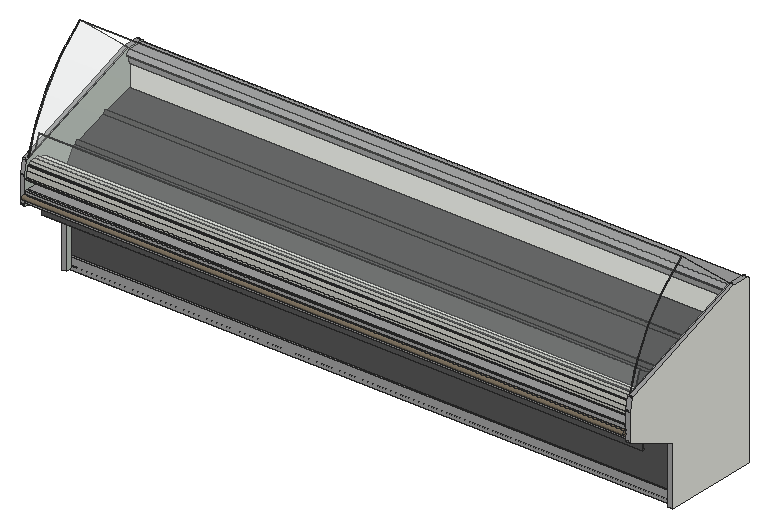
Revit family "DSFN-CG_2014", category Specialty Equipment, Revit 2014
Parameters (values of type "12'-0" Length")
  Width = 144"
  Waste Drain = 1 1/2"  # constant formula
  URL = "www.hussmann.com"
  Type Comments = "Chino"  # constant formula
  Trim = Stainless Steel
  Total Weight = Case Weight + (2 * End Weight)  # 0.00 lbf
  Splashguard = Stainless Steel
  Side Panel - Right [instance] = yes
  Side Panel - Left [instance] = yes
  Shelves = Sheet Metal (Steel Painted) - 701 Black
  Revit Family Date = "09/20/2016"  # constant formula
  Refrigeration Lines Suction = 5/8"  # constant formula
  Refrigeration Lines Liquid = 3/8"  # constant formula
  Refrig. Suction = "Suction"
  Refrig. Liquid = "Liquid"
  Number of Supports = if(Width < 50", 2, if(Width < 100", 3, 4))  # 4
  Note from Manufacturer = "This model only comes in 2'-0\", 3'-0\", 4'-0\", 5'-0\", 6'-0\", 8'-0\", 10'-0\", and 12'-0\" lengths."
  Model URL = "http://www.hussmann.com/en/product%20viewer/display-cases/DSFN"
  Model = "DSFN with Curved Glass"  # constant formula
  Manufacturer Disclaimer = "The information in this file is not intended to be an exact representation of the corresponding Hussmann product.  Further, we reserve the right to change or revise specifications and product design in connection with any feature of our products. Such changes do not entitle the buyer to corresponding changes, improvements, additions, or replacements for equipment previously sold or shipped."  # constant formula
  Manufacturer = "Hussmann Corporation"  # constant formula
  Light [instance] = yes
  Height = 52 1/4"  # constant formula
  Glazing = Glass
  Ends = Textured Sheet Metal (Steel Painted) - 149 White Satin Matte
  End Weight = 0.00 lbf  # constant formula
  Drain from Centerline = if(Width > 61", 6", if(Width = 60", 12", 1/64"))  # 6"
  Drain From Side = 5"  # constant formula
  Door Frame = Plastic - 144 Mist Gray
  Description = "Narrow Footprint Service Merchandiser for Fresh Seafood Applications"  # constant formula
  Depth = 34 7/8"  # constant formula
  Cutsheet URL = "http://www.hussmann.com/en/Technical%20Documents/DSFN_ds_En.pdf"
  Close Off Panel = Textured Sheet Metal (Steel Painted) - 701 Black
  Case Weight = if(Width = 24", 0.00 lbf, if(Width = 36", 0.00 lbf, if(Width = 48", 0.00 lbf, if(Width = 60", 0.00 lbf, if(Width = 72", 0.00 lbf, if(Width = 96", 0.00 lbf, if(Width = 120", 0.00 lbf, if(Width = 144", 0.00 lbf, 0.00 lbf))))))))  # 0.00 lbf
  Case Interior - Side Panel = Mirror
  Case Interior - Back Panel = Mirror
  Case = Textured Sheet Metal (Steel Painted) - 149 White Satin Matte
  Bumper = Extruded PVC - 747 Chocolate Brown
  Assembly Code = ""
  Accessories/Options = ""
Types (8): name | Width | Number of Supports | Drain from Centerline
  12'-0" Length | 144" | 4 | 6"
  10'-0" Length | 120" | 4 | 6"
  8'-0" Length | 96" | 3 | 6"
  6'-0" Length | 72" | 3 | 6"
  5'-0" Length | 60" | 3 | 12"
  4'-0" Length | 48" | 2 | 1/64"
  3'-0" Length | 36" | 2 | 1/64"
  2'-0" Length | 24" | 2 | 1/64"
Reference planes (in)
  plane 1 "Back": y = 0
  plane 2 "Bottom": z = 0
  plane 3 "Left": x = -77.30699
  plane 4 "Front": y = -34.875
  plane 5 "Center (Left/Right)": x = -5.30699
  plane 6: x = -78.43199
  plane 7 "Right": x = 66.69301
  plane 8: x = 67.81801
Forms (in)
  Extrusion 1, solid, material "Metal - Copper"
    sketch origin (57.40105, 5, -0.375) x (1, 0, 0) y (0, 1, 0)
      loop
        circle (5.22946, -14.125) r 0.28859
      loop
        circle (5.22946, -14.125) r 0.3125
    from 17.91059 to 14.43713
  Extrusion 2, solid, material "Metal - Copper"
    sketch origin (59.82608, 5, -0.375) x (1, 0, 0) y (0, 1, 0)
      loop
        circle (3.30443, -14.125) r 0.17188
      loop
        circle (3.30443, -14.125) r 0.1875
    from 17.91059 to 14.43713
  Extrusion 3, solid, material "Metal - Copper"
    sketch origin (-56.6875, 1.04319, 0) x (1, 0, 0) y (0, 1, 0)
      loop
        arc (-15.61949, -5.29319) -> (-16.14982, -5.51286) -> (-16.36949, -6.04319) r 0.75
        arc (-16.36949, -6.04319) -> (-16.14982, -6.57352) -> (-15.61949, -6.79319) r 0.75
        arc (-15.61949, -6.79319) -> (-15.08916, -6.57352) -> (-14.86949, -6.04319) r 0.75
        arc (-14.86949, -6.04319) -> (-15.08916, -5.51286) -> (-15.61949, -5.29319) r 0.75
      loop
        circle (-15.61949, -6.04319) r 0.7102
    from 17.53559 to 14.06213
  Extrusion 4, solid, material "Metal - Copper"
    sketch origin (9.1875, 1.04319, 0) x (1, 0, 0) y (0, 1, 0)
      loop
        arc (-8.49449, -5.29319) -> (-9.02482, -5.51286) -> (-9.24449, -6.04319) r 0.75
        arc (-9.24449, -6.04319) -> (-9.02482, -6.57352) -> (-8.49449, -6.79319) r 0.75
        arc (-8.49449, -6.79319) -> (-7.96416, -6.57352) -> (-7.74449, -6.04319) r 0.75
        arc (-7.74449, -6.04319) -> (-7.96416, -5.51286) -> (-8.49449, -5.29319) r 0.75
      loop
        circle (-8.49449, -6.04319) r 0.7102
    from 17.53559 to 14.06213
  Extrusion 5, solid, material "Textured Sheet Metal (Steel Painted) - 149 White Satin Matte" <- "Case"
    sketch origin (-77.30699, 0, 0) x (0, 1, 0) y (0, 0, 1)
      loop
        line (-21.21942, 14.75877) -> (-21.21942, 0.83962) -> (-2.10346, 0.83962) -> (-2.10346, 14.62462) -> (0, 14.62462) -> (0, 39.71447) -> (-3.90855, 39.71447) -> (-3.90855, 37.71447) -> (-3.74953, 37.12102) -> (-3.6691, 37.12102) -> (-3.6691, 27.41256) -> (-7.64232, 26.27325) -> (-15.78577, 19.85719) -> (-15.78577, 17.5583) -> (-21.48302, 17.74647) -> (-29.41726, 21.11436) -> (-29.41726, 27.46876) -> (-29.4277, 27.34944) -> (-29.4277, 28.15965) -> (-31.23608, 28.51182) -> (-31.23608, 23.01712) -> (-34.556, 23.01712) -> (-34.806, 22.76712) -> (-34.806, 20.39212) -> (-34.49075, 20.39212) -> (-21.21942, 14.75877)
    from 0 to 144 <- "Width"
  Extrusion 6, solid, material "Stainless Steel" <- "Trim"
    sketch origin (-77.30699, 0, 0) x (0, 1, 0) y (0, 0, 1)
      loop
        line (-32.43066, 19.29991) -> (-32.36201, 19.48852) -> (-34.49075, 20.39212) -> (-34.806, 20.39212) -> (-34.806, 22.76712) -> (-34.556, 23.01712) -> (-31.23608, 23.01712) -> (-31.23608, 24.23914) -> (-31.3002, 24.23914) -> (-31.3002, 23.06512) -> (-34.702, 23.06512)
        arc (-34.702, 23.06512) -> (-34.82433, 23.01445) -> (-34.875, 22.89212) r 0.173
        line (-34.875, 22.89212) -> (-34.875, 20.18958) -> (-32.43066, 19.29991)
    from 0 to 144 <- "Width"
  Extrusion 7, solid, material "Extruded PVC - 747 Chocolate Brown" <- "Bumper"
    sketch origin (-77.30699, 0, 0) x (0, 1, 0) y (0, 0, 1)
      loop
        arc (-35.3233, 22.20131) -> (-35.82553, 21.63881) -> (-35.3233, 21.07631) r 0.56612
        line (-35.3233, 21.07631) -> (-34.875, 21.07631) -> (-34.875, 21.44631) -> (-35.26053, 21.44631) -> (-35.26053, 21.56751)
        arc (-35.26053, 21.56751) -> (-35.22735, 21.63881) -> (-35.26053, 21.7101) r 0.09318
        line (-35.26053, 21.7101) -> (-35.26053, 21.83131) -> (-34.875, 21.83131) -> (-34.875, 22.20131) -> (-35.3233, 22.20131)
    from 0 to 144 <- "Width"
  Extrusion 8, solid, material "Stainless Steel" <- "Trim"
    sketch origin (-77.30699, 0, 0) x (0, 1, 0) y (0, 0, 1)
      loop
        line (-21.36961, 2.78974) -> (-21.36961, 0) -> (-20.83494, 0) -> (-20.83494, 0.035) -> (-21.33494, 0.035) -> (-21.33494, 2.785) -> (-21.2926, 3.09462) -> (-21.32728, 3.09929) -> (-21.36961, 2.78974)
      loop
        line (-1.91944, 0.48261) -> (-1.91944, 2.85914) -> (-1.94136, 3.10971) -> (-1.97623, 3.10666) -> (-1.95444, 2.85761) -> (-1.95444, 0.46987) -> (-1.61667, 0.06733) -> (-1.23482, 0) -> (-1.22874, 0.03447) -> (-1.59804, 0.09959) -> (-1.91944, 0.48261)
    from 0 to 144 <- "Width"
  Extrusion 9, solid, material "Textured Sheet Metal (Steel Painted) - 701 Black" <- "Close Off Panel"
    sketch origin (-77.30699, 0, 0) x (0, 1, 0) y (0, 0, 1)
      loop
        line (-21.29227, 0.75286) -> (-21.21942, 0.75286) -> (-21.21942, 14.75877) -> (-21.29227, 14.7897) -> (-21.29227, 0.75286)
      loop
        line (-1.97846, 0.83962) -> (-1.97846, 14.58962) -> (-2.10346, 14.58962) -> (-2.10346, 0.83962) -> (-1.97846, 0.83962)
    from 0 to 144 <- "Width"
  Extrusion 10, solid, material "Glass" <- "Glazing"
    sketch origin (-77.30699, 0, 0) x (0, 1, 0) y (0, 0, 1)
      loop
        line (-32.30756, 28.12011) -> (-30.53872, 33.25717) -> (-30.56313, 33.30722) -> (-30.71203, 33.35849) -> (-30.76207, 33.33408) -> (-32.53091, 28.19701) -> (-32.5065, 28.14697) -> (-32.3576, 28.0957) -> (-32.30756, 28.12011)
      loop
        line (-18.21209, 51.9867) -> (-18.35914, 52.18888)
        arc (-18.35914, 52.18888) -> (-28.763, 41.05531) -> (-34.2825, 26.85207) r 40.25
        line (-34.2825, 26.85207) -> (-34.03655, 26.80726)
        arc (-34.03655, 26.80726) -> (-28.55133, 40.92228) -> (-18.21209, 51.9867) r 40
    from 0 to 144 <- "Width"
  Extrusion 11, solid, material "Plastic - 144 Mist Gray" <- "Door Frame"
    sketch origin (-77.30699, -1, 0) x (0, 1, 0) y (0, 0, 1)
      loop
        arc (-30.23608, 28.80653) -> (-30.66528, 28.88997) -> (-31.08484, 28.76693) r 0.92486
        line (-31.08484, 28.76693) -> (-31.30756, 28.12011) -> (-31.3576, 28.0957) -> (-31.5065, 28.14697) -> (-31.53091, 28.19701) -> (-31.32856, 28.78467) -> (-32.62445, 28.78467)
        arc (-32.62445, 28.78467) -> (-32.84298, 27.79857) -> (-33.03655, 26.80726) r 40
        line (-33.03655, 26.80726) -> (-33.2825, 26.85207)
        arc (-33.2825, 26.85207) -> (-33.14823, 27.55371) -> (-33.00152, 28.25286) r 40.25
        line (-33.00152, 28.25286) -> (-33.13327, 28.08424) -> (-33.22476, 28.02359)
        arc (-33.22476, 28.02359) -> (-33.22735, 28.00512) -> (-33.2087, 28.0048) r 0.01245
        line (-33.2087, 28.0048) -> (-33.16548, 27.99718) -> (-33.19544, 27.98628) -> (-33.56456, 26.95121) -> (-33.68909, 25.86532) -> (-33.68909, 25.24137)
        arc (-33.68909, 25.24137) -> (-33.67756, 25.21353) -> (-33.64972, 25.202) r 0.03937
        line (-33.64972, 25.202) -> (-33.59067, 25.202)
        arc (-33.59067, 25.202) -> (-33.56283, 25.21353) -> (-33.5513, 25.24137) r 0.03937
        line (-33.5513, 25.24137) -> (-33.5513, 25.33979) -> (-33.61035, 25.39885) -> (-33.61035, 25.89097) -> (-33.5513, 25.98872) -> (-32.96468, 25.98872) -> (-32.96468, 24.64097)
        arc (-32.96468, 24.64097) -> (-32.91547, 24.59176) -> (-32.86626, 24.64097) r 0.04921
        line (-32.86626, 24.64097) -> (-32.86626, 25.12318) -> (-32.1065, 25.12318) -> (-32.1065, 24.98546) -> (-31.17335, 24.98546) -> (-31.17335, 24.51302) -> (-30.95681, 24.51302) -> (-30.95681, 24.43428) -> (-30.38594, 24.43428) -> (-30.38594, 24.29649) -> (-30.23608, 24.29649) -> (-30.23608, 28.80653)
    from 0 to 144 <- "Width"
  Extrusion 12, solid, material "Sheet Metal (Steel Painted) - 701 Black" <- "Shelves"
    sketch origin (-77.30699, 0, 0) x (0, 1, 0) y (0, 0, 1)
      loop
        line (-29.41726, 23.84277) -> (-26.05839, 23.84277) -> (-23.06898, 22.11683) -> (-3.6691, 27.96641) -> (-3.6691, 31.45015) -> (-10.38034, 29.52573) -> (-11.24118, 30.0029) -> (-11.67036, 29.22864) -> (-18.96124, 26.85127) -> (-19.75714, 27.29245) -> (-20.19832, 26.49654) -> (-20.85604, 26.30794) -> (-23.0035, 22.58844) -> (-26.0421, 24.34277) -> (-29.41726, 24.34277) -> (-29.41726, 23.84277)
    from 0 to 144 <- "Width"
  Extrusion 13, solid, material "Stainless Steel" <- "Trim"
    sketch origin (-77.30699, 0, 0) x (0, 1, 0) y (0, 0, 1)
      loop
        arc (-20.27344, 0.0785) -> (-20.25045, 0.02299) -> (-20.19494, 0) r 0.0785
        line (-20.19494, 0) -> (-18.50744, 0)
        arc (-18.50744, 0) -> (-18.45193, 0.02299) -> (-18.42894, 0.0785) r 0.0785
        line (-18.42894, 0.0785) -> (-18.42894, 0.766) -> (-17.67894, 0.766) -> (-17.67894, 0.83962) -> (-18.45619, 0.83962)
        arc (-18.45619, 0.83962) -> (-18.49336, 0.81085) -> (-18.50744, 0.766) r 0.0785
        line (-18.50744, 0.766) -> (-18.50744, 0.0785) -> (-20.19494, 0.0785) -> (-20.19494, 0.766)
        arc (-20.19494, 0.766) -> (-20.20901, 0.81085) -> (-20.24619, 0.83962) r 0.0785
        line (-20.24619, 0.83962) -> (-21.08594, 0.83962) -> (-21.08594, 1.657) -> (-21.16444, 1.657) -> (-21.16444, 0.8445)
        arc (-21.16444, 0.8445) -> (-21.14145, 0.78899) -> (-21.08594, 0.766) r 0.0785
        line (-21.08594, 0.766) -> (-20.27344, 0.766) -> (-20.27344, 0.0785)
      loop
        arc (-4.71994, 0.766) -> (-4.69873, 0.75721) -> (-4.68994, 0.736) r 0.03
        line (-4.68994, 0.736) -> (-4.68994, 0.0785)
        arc (-4.68994, 0.0785) -> (-4.66695, 0.02299) -> (-4.61144, 0) r 0.0785
        line (-4.61144, 0) -> (-2.92394, 0)
        arc (-2.92394, 0) -> (-2.86843, 0.02299) -> (-2.84544, 0.0785) r 0.0785
        line (-2.84544, 0.0785) -> (-2.84544, 0.736)
        arc (-2.84544, 0.736) -> (-2.83665, 0.75721) -> (-2.81544, 0.766) r 0.03
        line (-2.81544, 0.766) -> (-2.03294, 0.766) -> (-2.03294, 0.8445) -> (-2.84544, 0.8445)
        arc (-2.84544, 0.8445) -> (-2.90095, 0.82151) -> (-2.92394, 0.766) r 0.0785
        line (-2.92394, 0.766) -> (-2.92394, 0.1085)
        arc (-2.92394, 0.1085) -> (-2.93273, 0.08729) -> (-2.95394, 0.0785) r 0.03
        line (-2.95394, 0.0785) -> (-4.58144, 0.0785)
        arc (-4.58144, 0.0785) -> (-4.60265, 0.08729) -> (-4.61144, 0.1085) r 0.03
        line (-4.61144, 0.1085) -> (-4.61144, 0.736)
        arc (-4.61144, 0.736) -> (-4.64322, 0.81272) -> (-4.71994, 0.8445) r 0.1085
        line (-4.71994, 0.8445) -> (-5.42274, 0.8445) -> (-5.42274, 0.766) -> (-4.71994, 0.766)
    from 0 to 144 <- "Width"
  Extrusion 14, solid, material "Stainless Steel" <- "Trim"
    sketch origin (-77.30699, 0, -2.80286) x (0, 1, 0) y (0, 0, 1)
      loop
        line (-3.6691, 39.52827) -> (-3.6691, 39.92387) -> (-3.74953, 39.92387) -> (-3.90855, 40.51732) -> (-3.90855, 42.51732) -> (0, 42.51732) -> (0, 41.32812) -> (0.0625, 41.32812) -> (0.0625, 42.56512) -> (-3.987, 42.56512) -> (-4.92495, 41.62717) -> (-4.67501, 41.30726) -> (-4.64743, 41.32881) -> (-4.78055, 41.49919) -> (-4.34034, 41.43732) -> (-3.87598, 39.47921) -> (-3.6691, 39.52827)
    from 0 to 144 <- "Width"
  Extrusion 15, solid, material "Textured Sheet Metal (Steel Painted) - 701 Black" <- "Close Off Panel", visible <- "Light"
    sketch origin (-77.30699, 0, 0) x (0, 1, 0) y (0, 0, 1)
      loop
        line (-29.827, 18.41248) -> (-29.875, 18.43285) -> (-29.875, 15.50558) -> (-29.49603, 15.50558) -> (-29.49603, 15.67331) -> (-29.5429, 15.67331) -> (-29.5429, 15.55246) -> (-29.827, 15.55246) -> (-29.827, 18.41248)
    from 0 to 144 <- "Width"
  Extrusion 16, solid, material "Textured Sheet Metal (Steel Painted) - 149 White Satin Matte" <- "Ends", visible <- "Side Panel - Left"
    sketch origin (-77.30699, 0, 0) x (0, 1, 0) y (0, 0, 1)
      loop
        line (-34.80715, 19.60674) -> (-22.66886, 14.45434) -> (-22.44039, 14.10915) -> (-22.44039, 0.10413) -> (0.25, 0.10413) -> (0.25, 39.76509)
        arc (0.25, 39.76509) -> (0.17678, 39.94187) -> (0, 40.01509) r 0.25
        line (0, 40.01509) -> (-3.88589, 40.01509)
        arc (-3.88589, 40.01509) -> (-3.92856, 40.01142) -> (-3.96998, 40.00053) r 0.25
        line (-3.96998, 40.00053) -> (-34.13094, 29.22818)
        arc (-34.13094, 29.22818) -> (-34.23355, 29.15902) -> (-34.29042, 29.04912) r 0.25
        line (-34.29042, 29.04912) -> (-34.95295, 26.20479)
        arc (-34.95295, 26.20479) -> (-34.95784, 26.17662) -> (-34.95947, 26.14807) r 0.25
        line (-34.95947, 26.14807) -> (-34.95947, 19.83686)
        arc (-34.95947, 19.83686) -> (-34.91794, 19.69888) -> (-34.80715, 19.60674) r 0.25
    from -1.125 to 0
  Extrusion 17, solid, material "Glass" <- "Glazing", visible <- "Side Panel - Left"
    sketch origin (-77.30699, 0, 0) x (0, 1, 0) y (0, 0, 1)
      loop
        arc (-18.35914, 52.18888) -> (-28.06096, 42.13371) -> (-33.7406, 29.3676) r 40.25
        line (-33.7406, 29.3676) -> (-3.96998, 40.00053) -> (-18.35914, 52.18888)
    from -0.25 to 0
  Extrusion 18, solid, material "Textured Sheet Metal (Steel Painted) - 149 White Satin Matte" <- "Ends", visible <- "Side Panel - Right"
    sketch origin (-77.30699, 0, 0) x (0, 1, 0) y (0, 0, 1)
      loop
        line (-34.80715, 19.60674) -> (-22.66886, 14.45434) -> (-22.44039, 14.10915) -> (-22.44039, 0.10413) -> (0.25, 0.10413) -> (0.25, 39.76509)
        arc (0.25, 39.76509) -> (0.17678, 39.94187) -> (0, 40.01509) r 0.25
        line (0, 40.01509) -> (-3.88589, 40.01509)
        arc (-3.88589, 40.01509) -> (-3.92856, 40.01142) -> (-3.96998, 40.00053) r 0.25
        line (-3.96998, 40.00053) -> (-34.13094, 29.22818)
        arc (-34.13094, 29.22818) -> (-34.23355, 29.15902) -> (-34.29042, 29.04912) r 0.25
        line (-34.29042, 29.04912) -> (-34.95295, 26.20479)
        arc (-34.95295, 26.20479) -> (-34.95784, 26.17662) -> (-34.95947, 26.14807) r 0.25
        line (-34.95947, 26.14807) -> (-34.95947, 19.83686)
        arc (-34.95947, 19.83686) -> (-34.91794, 19.69888) -> (-34.80715, 19.60674) r 0.25
    from 145.125 to 144
  Extrusion 19, solid, material "Glass" <- "Glazing", visible <- "Side Panel - Right"
    sketch origin (-77.30699, 0, 0) x (0, 1, 0) y (0, 0, 1)
      loop
        arc (-18.35914, 52.18888) -> (-28.06096, 42.13371) -> (-33.7406, 29.3676) r 40.25
        line (-33.7406, 29.3676) -> (-3.96998, 40.00053) -> (-18.35914, 52.18888)
    from 144 to 144.25
Lines and regions (in)
  reference lines
    curve 1: line (-72.30699, -34.875, 0) -> (-72.30699, 0, 0)
    curve 2: line (62.94301, -34.875, 0) -> (62.94301, 0, 0)
    curve 3: line (-77.30699, -5, 0) -> (66.69301, -5, 0)
    curve 4: line (66.69301, -9.125, 0) -> (-77.30699, -9.125, 0)
    curve 5: line (0.69301, -34.875, 0) -> (0.69301, 0, 0)
Dimensions and locks (in)
  equal spacing: plane 3 "Left", plane 5 "Center (Left/Right)", plane 7 "Right"
  locked: plane 6 to plane 3 "Left" at 1.125
  "Width": plane 3 "Left" to plane 7 "Right"
  "Drain From Side": plane 3 "Left" to curve 1
  "Depth": plane 4 "Front" to plane 1 "Back"
  locked: curve 2 to plane 7 "Right" at 3.75
  locked: plane 1 "Back" to curve 4 at 9.125
  locked: plane 7 "Right" to plane 8 at 1.125
  locked: Extrusion 3 sketch curve to Extrusion 3 sketch curve at 0.0398
  locked: Extrusion 2 sketch curve to Extrusion 2 sketch curve at 0.01562
  locked: Extrusion 1 sketch curve to Extrusion 1 sketch curve at 0.02391
  "Drain from Centerline": plane 5 "Center (Left/Right)" to curve 5
  locked: Extrusion 4 sketch curve to Extrusion 4 sketch curve at 0.0398
  locked: curve 3 to plane 1 "Back" at 5
  locked: nested 1 to plane 1 "Back" at 27.73735
  locked: plane 3 "Left" to Extrusion 17 at 0.25
  locked: Extrusion 19 to plane 7 "Right" at 0.25
  "Waste Drain": diameter of Extrusion 3 sketch curve
  "Refrigeration Lines Liquid": diameter of Extrusion 2 sketch curve
  "Refrigeration Lines Suction": diameter of Extrusion 1 sketch curve
  "Waste Drain": diameter of Extrusion 4 sketch curve
  aligned and locked: plane 4 "Front" to curve 1
  aligned and locked: plane 3 "Left" to curve 3
  aligned and locked: plane 3 "Left" to curve 4
  aligned and locked: plane 7 "Right" to curve 4
  aligned and locked: plane 7 "Right" to curve 3
  aligned and locked: curve 4 to Extrusion 2 sketch curve  (x4)
  aligned and locked: curve 4 to Extrusion 1 sketch curve  (x4)
  aligned and locked: curve 3 to Extrusion 3 sketch curve
  aligned and locked: curve 1 to Extrusion 3 sketch curve
  aligned and locked: curve 2 to Extrusion 2 sketch curve
  aligned and locked: curve 2 to Extrusion 1 sketch curve
  aligned and locked: curve 5 to Extrusion 4 sketch curve  (x2)
  aligned and locked: curve 3 to Extrusion 4 sketch curve  (x2)
  aligned and locked: plane 3 "Left" to nested 1
  aligned and locked: plane 6 to Extrusion 16
  aligned and locked: plane 3 "Left" to Extrusion 16
  aligned and locked: plane 3 "Left" to Extrusion 17
  aligned and locked: plane 8 to Extrusion 18
  aligned and locked: Extrusion 18 to plane 7 "Right"
  aligned and locked: Extrusion 19 to plane 7 "Right"
Automatic sketch dimensions
  Extrusion 5 sketch curve to plane 1 "Back" = 0"
  plane 1 "Back" to Extrusion 5 sketch curve = 2.10346"
  plane 1 "Back" to Extrusion 5 sketch curve = 3.6691"
  Extrusion 5 sketch curve to Extrusion 5 sketch curve = 0.08043"
  Extrusion 5 sketch curve to Extrusion 5 sketch curve = 0.15901"
  Extrusion 5 sketch curve to Extrusion 5 sketch curve = 3.97322"
  Extrusion 5 sketch curve to Extrusion 5 sketch curve = 8.14345"
  level to Extrusion 5 sketch curve = 0.83962"
  plane 4 "Front" to Extrusion 5 sketch curve = 13.65558"
  Extrusion 5 sketch curve to Extrusion 5 sketch curve = 0.2636"
  plane 4 "Front" to Extrusion 5 sketch curve = 5.45774"
  Extrusion 5 sketch curve to Extrusion 5 sketch curve = 0.01044"
  Extrusion 5 sketch curve to Extrusion 5 sketch curve = 1.81881"
  plane 4 "Front" to Extrusion 5 sketch curve = 0.38425"
  plane 4 "Front" to Extrusion 5 sketch curve = 0.319"
  plane 4 "Front" to Extrusion 5 sketch curve = 0.069"
  Extrusion 5 sketch curve to Extrusion 5 sketch curve = 13.785"
  Extrusion 5 sketch curve to Extrusion 5 sketch curve = 13.91915"
  Extrusion 5 sketch curve to Extrusion 5 sketch curve = 2.79953"
  Extrusion 5 sketch curve to Extrusion 5 sketch curve = 2.98769"
  Extrusion 5 sketch curve to Extrusion 5 sketch curve = 2.29889"
  Extrusion 5 sketch curve to Extrusion 5 sketch curve = 2.64565"
  Extrusion 5 sketch curve to Extrusion 5 sketch curve = 0.72224"
  Extrusion 5 sketch curve to Extrusion 5 sketch curve = 2 3/8"
  Extrusion 5 sketch curve to Extrusion 5 sketch curve = 1/4"
  Extrusion 5 sketch curve to Extrusion 5 sketch curve = 6.41606"
  Extrusion 5 sketch curve to Extrusion 5 sketch curve = 4.33232"
  Extrusion 5 sketch curve to Extrusion 5 sketch curve = 1.1393"
  Extrusion 5 sketch curve to Extrusion 5 sketch curve = 0.11932"
  Extrusion 5 sketch curve to Extrusion 5 sketch curve = 0.6909"
  Extrusion 5 sketch curve to Extrusion 5 sketch curve = 0.35216"
  Extrusion 5 sketch curve to Extrusion 5 sketch curve = 9.70846"
  Extrusion 5 sketch curve to Extrusion 5 sketch curve = 0.59345"
  Extrusion 5 sketch curve to Extrusion 5 sketch curve = 2"
  Extrusion 6 sketch curve to plane 4 "Front" = 0"
  plane 4 "Front" to Extrusion 6 sketch curve = 0.069"
  Extrusion 6 sketch curve to Extrusion 6 sketch curve = 0.104"
  Extrusion 6 sketch curve to Extrusion 6 sketch curve = 0.146"
  Extrusion 6 sketch curve to Extrusion 6 sketch curve = 0.31525"
  Extrusion 6 sketch curve to Extrusion 6 sketch curve = 2.06009"
  Extrusion 6 sketch curve to Extrusion 6 sketch curve = 0.06865"
  Extrusion 6 sketch curve to Extrusion 6 sketch curve = 3.2558"
  Extrusion 6 sketch curve to Extrusion 6 sketch curve = 0.06412"
  level to Extrusion 6 sketch curve = 19.29991"
  Extrusion 6 sketch curve to Extrusion 6 sketch curve = 0.18861"
  Extrusion 6 sketch curve to Extrusion 6 sketch curve = 0.20254"
  Extrusion 6 sketch curve to Extrusion 6 sketch curve = 2 3/8"
  Extrusion 6 sketch curve to Extrusion 6 sketch curve = 1/8"
  Extrusion 6 sketch curve to Extrusion 6 sketch curve = 0.048"
  Extrusion 6 sketch curve to Extrusion 6 sketch curve = 1.17402"
  Extrusion 7 sketch curve to plane 4 "Front" = 0"  (x2)
  Extrusion 7 sketch curve to plane 4 "Front" = 0.38441"
  Extrusion 7 sketch curve to Extrusion 7 sketch curve = 0.00112"  (x2)
  Extrusion 7 sketch curve to Extrusion 7 sketch curve = 0.06112"
  Extrusion 7 sketch curve to Extrusion 7 sketch curve = 0.06277"  (x2)
  level to Extrusion 7 sketch curve = 21.07631"
  Extrusion 7 sketch curve to Extrusion 7 sketch curve = 0.37"
  Extrusion 7 sketch curve to Extrusion 7 sketch curve = 0.1212"  (x2)
  Extrusion 7 sketch curve to Extrusion 7 sketch curve = 0.0713"
  Extrusion 7 sketch curve to Extrusion 7 sketch curve = 0"
  Extrusion 8 sketch curve to level = 0"  (x2)
  plane 4 "Front" to Extrusion 8 sketch curve = 13.50539"
  level to Extrusion 8 sketch curve = 2.78974"
  Extrusion 8 sketch curve to Extrusion 8 sketch curve = 0"
  level to Extrusion 8 sketch curve = 2.785"
  Extrusion 8 sketch curve to Extrusion 8 sketch curve = 0.03468"
  level to Extrusion 8 sketch curve = 3.09929"
  Extrusion 8 sketch curve to Extrusion 8 sketch curve = 0.04233"
  level to Extrusion 8 sketch curve = 3.09462"
  Extrusion 8 sketch curve to Extrusion 8 sketch curve = 0.03469"
  Extrusion 8 sketch curve to Extrusion 8 sketch curve = 1/2"
  plane 1 "Back" to Extrusion 8 sketch curve = 1.97623"
  Extrusion 8 sketch curve to Extrusion 8 sketch curve = 0.02179"
  Extrusion 8 sketch curve to Extrusion 8 sketch curve = 0.03487"
  Extrusion 8 sketch curve to Extrusion 8 sketch curve = 0.035"
  level to Extrusion 8 sketch curve = 0.06733"
  Extrusion 8 sketch curve to Extrusion 8 sketch curve = 0.30277"
  level to Extrusion 8 sketch curve = 0.09959"
  Extrusion 8 sketch curve to Extrusion 8 sketch curve = 0.01862"
  Extrusion 8 sketch curve to Extrusion 8 sketch curve = 0.36323"
  level to Extrusion 8 sketch curve = 0.035"
  level to Extrusion 8 sketch curve = 0.46987"
  Extrusion 8 sketch curve to Extrusion 8 sketch curve = 0.01274"
  Extrusion 8 sketch curve to Extrusion 8 sketch curve = 2 3/8"
  Extrusion 8 sketch curve to Extrusion 8 sketch curve = 0.00153"
  plane 4 "Front" to Extrusion 9 sketch curve = 13.58273"
  Extrusion 9 sketch curve to Extrusion 9 sketch curve = 0.07285"
  plane 1 "Back" to Extrusion 9 sketch curve = 2.10346"
  Extrusion 9 sketch curve to Extrusion 9 sketch curve = 1/8"
  level to Extrusion 9 sketch curve = 0.75286"
  level to Extrusion 9 sketch curve = 0.83962"
  Extrusion 9 sketch curve to Extrusion 9 sketch curve = 13 3/4"
  Extrusion 9 sketch curve to Extrusion 9 sketch curve = 14.00591"
  Extrusion 9 sketch curve to Extrusion 9 sketch curve = 0.03092"
  Extrusion 10 sketch curve to Extrusion 10 sketch curve = 0"  (x2)
  plane 4 "Front" to Extrusion 10 sketch curve = 0.5925"
  Extrusion 10 sketch curve to Extrusion 10 sketch curve = 0.24595"
  Extrusion 10 sketch curve to Extrusion 10 sketch curve = 1.50564"
  Extrusion 10 sketch curve to Extrusion 10 sketch curve = 0.02441"  (x4)
  Extrusion 10 sketch curve to Extrusion 10 sketch curve = 0.1489"  (x2)
  Extrusion 10 sketch curve to Extrusion 10 sketch curve = 0.05004"  (x4)
  plane 4 "Front" to Extrusion 10 sketch curve = 4.11293"
  plane 4 "Front" to Extrusion 10 sketch curve = 16.51586"
  Extrusion 10 sketch curve to Extrusion 10 sketch curve = 0.14705"
  Extrusion 10 sketch curve to plane 1 "Back" = 5.31572"
  level to Extrusion 10 sketch curve = 19.63795"
  level to Extrusion 10 sketch curve = 26.80726"
  Extrusion 10 sketch curve to Extrusion 10 sketch curve = 0.04481"
  Extrusion 10 sketch curve to Extrusion 10 sketch curve = 1.28844"
  Extrusion 10 sketch curve to Extrusion 10 sketch curve = 0.05127"
  Extrusion 10 sketch curve to Extrusion 10 sketch curve = 5.13707"
  Extrusion 10 sketch curve to Extrusion 10 sketch curve = 0.02686"
  Extrusion 11 sketch curve to Extrusion 11 sketch curve = 0"  (x2)
  plane 4 "Front" to Extrusion 11 sketch curve = 0.18591"
  Extrusion 11 sketch curve to Extrusion 11 sketch curve = 0.03937"
  Extrusion 11 sketch curve to Extrusion 11 sketch curve = 0.07874"  (x2)
  Extrusion 11 sketch curve to Extrusion 11 sketch curve = 0.05906"  (x4)
  plane 4 "Front" to Extrusion 11 sketch curve = 0.31044"
  Extrusion 11 sketch curve to Extrusion 11 sketch curve = 0.28206"
  plane 4 "Front" to Extrusion 11 sketch curve = 0.65024"
  Extrusion 11 sketch curve to Extrusion 11 sketch curve = 0.00688"
  Extrusion 11 sketch curve to Extrusion 11 sketch curve = 0.00919"
  Extrusion 11 sketch curve to Extrusion 11 sketch curve = 0.01325"
  Extrusion 11 sketch curve to Extrusion 11 sketch curve = 0.02996"
  Extrusion 11 sketch curve to Extrusion 11 sketch curve = 0.03222"
  Extrusion 11 sketch curve to Extrusion 11 sketch curve = 0.24595"
  Extrusion 11 sketch curve to Extrusion 11 sketch curve = 0.13174"
  Extrusion 11 sketch curve to Extrusion 11 sketch curve = 0.58661"
  Extrusion 11 sketch curve to Extrusion 11 sketch curve = 0.04921"
  Extrusion 11 sketch curve to Extrusion 11 sketch curve = 0.37707"
  Extrusion 11 sketch curve to Extrusion 11 sketch curve = 0.75975"
  Extrusion 11 sketch curve to Extrusion 11 sketch curve = 1.09355"
  Extrusion 11 sketch curve to Extrusion 11 sketch curve = 0.02441"  (x2)
  Extrusion 11 sketch curve to Extrusion 11 sketch curve = 0.1489"
  Extrusion 11 sketch curve to Extrusion 11 sketch curve = 0.20235"
  Extrusion 11 sketch curve to Extrusion 11 sketch curve = 0.05004"  (x2)
  Extrusion 11 sketch curve to Extrusion 11 sketch curve = 0.93316"
  Extrusion 11 sketch curve to Extrusion 11 sketch curve = 0.24372"
  Extrusion 11 sketch curve to Extrusion 11 sketch curve = 0.21654"
  Extrusion 11 sketch curve to Extrusion 11 sketch curve = 0.68539"
  Extrusion 11 sketch curve to Extrusion 11 sketch curve = 0.57087"
  Extrusion 11 sketch curve to Extrusion 11 sketch curve = 0.14987"
  Extrusion 11 sketch curve to plane 1 "Back" = 5.31572"
  level to Extrusion 11 sketch curve = 19.63795"
  level to Extrusion 11 sketch curve = 24.29649"
  Extrusion 11 sketch curve to Extrusion 11 sketch curve = 0.1378"
  Extrusion 11 sketch curve to Extrusion 11 sketch curve = 0.12795"
  Extrusion 11 sketch curve to Extrusion 11 sketch curve = 0.34449"
  Extrusion 11 sketch curve to Extrusion 11 sketch curve = 0.48221"
  Extrusion 11 sketch curve to Extrusion 11 sketch curve = 0.07881"
  Extrusion 11 sketch curve to Extrusion 11 sketch curve = 0.09843"
  Extrusion 11 sketch curve to Extrusion 11 sketch curve = 0.46648"
  Extrusion 11 sketch curve to Extrusion 11 sketch curve = 0.02565"
  Extrusion 11 sketch curve to Extrusion 11 sketch curve = 0.09774"
  Extrusion 11 sketch curve to Extrusion 11 sketch curve = 0.81854"
  Extrusion 11 sketch curve to Extrusion 11 sketch curve = 0.04481"
  Extrusion 11 sketch curve to Extrusion 11 sketch curve = 0.09914"
  Extrusion 11 sketch curve to Extrusion 11 sketch curve = 0.81856"
  Extrusion 11 sketch curve to Extrusion 11 sketch curve = 0.26658"
  Extrusion 11 sketch curve to Extrusion 11 sketch curve = 0.0109"
  Extrusion 11 sketch curve to Extrusion 11 sketch curve = 0.01852"
  Extrusion 11 sketch curve to Extrusion 11 sketch curve = 0.00841"
  Extrusion 11 sketch curve to Extrusion 11 sketch curve = 0.08705"
  Extrusion 11 sketch curve to Extrusion 11 sketch curve = 0.68898"
  Extrusion 11 sketch curve to Extrusion 11 sketch curve = 0.05127"
  Extrusion 11 sketch curve to Extrusion 11 sketch curve = 0.01775"
  plane 4 "Front" to Extrusion 12 sketch curve = 5.45774"
  Extrusion 12 sketch curve to Extrusion 12 sketch curve = 3.35888"
  Extrusion 12 sketch curve to Extrusion 12 sketch curve = 0.01629"
  Extrusion 12 sketch curve to Extrusion 12 sketch curve = 2.98941"
  Extrusion 12 sketch curve to Extrusion 12 sketch curve = 0.06548"
  Extrusion 12 sketch curve to Extrusion 12 sketch curve = 2.14746"
  Extrusion 12 sketch curve to Extrusion 12 sketch curve = 0.65772"
  Extrusion 12 sketch curve to Extrusion 12 sketch curve = 0.44118"
  Extrusion 12 sketch curve to Extrusion 12 sketch curve = 0.7959"
  Extrusion 12 sketch curve to Extrusion 12 sketch curve = 7.29088"
  Extrusion 12 sketch curve to Extrusion 12 sketch curve = 0.42918"
  Extrusion 12 sketch curve to Extrusion 12 sketch curve = 0.86084"
  plane 1 "Back" to Extrusion 12 sketch curve = 3.6691"
  level to Extrusion 12 sketch curve = 22.11683"
  Extrusion 12 sketch curve to Extrusion 12 sketch curve = 0.4716"
  Extrusion 12 sketch curve to Extrusion 12 sketch curve = 1.25433"
  Extrusion 12 sketch curve to Extrusion 12 sketch curve = 1/2"
  Extrusion 12 sketch curve to Extrusion 12 sketch curve = 0.1886"
  Extrusion 12 sketch curve to Extrusion 12 sketch curve = 0.35473"
  Extrusion 12 sketch curve to Extrusion 12 sketch curve = 1.11514"
  Extrusion 12 sketch curve to Extrusion 12 sketch curve = 2.37737"
  Extrusion 12 sketch curve to Extrusion 12 sketch curve = 0.29709"
  Extrusion 12 sketch curve to Extrusion 12 sketch curve = 3.48374"
  Extrusion 13 sketch curve to Extrusion 13 sketch curve = 0"  (x9)
  Extrusion 13 sketch curve to level = 0"  (x2)
  level to Extrusion 13 sketch curve = 0.8445"  (x2)
  plane 4 "Front" to Extrusion 13 sketch curve = 13.71056"
  Extrusion 13 sketch curve to Extrusion 13 sketch curve = 0.0785"  (x5)
  level to Extrusion 13 sketch curve = 0.0785"  (x3)
  Extrusion 13 sketch curve to Extrusion 13 sketch curve = 13/16"  (x2)
  Extrusion 13 sketch curve to Extrusion 13 sketch curve = 0.02725"
  Extrusion 13 sketch curve to Extrusion 13 sketch curve = 1 11/16"
  Extrusion 13 sketch curve to Extrusion 13 sketch curve = 0.05125"
  Extrusion 13 sketch curve to Extrusion 13 sketch curve = 3/4"
  plane 1 "Back" to Extrusion 13 sketch curve = 5.42274"
  Extrusion 13 sketch curve to Extrusion 13 sketch curve = 0.7028"
  Extrusion 13 sketch curve to Extrusion 13 sketch curve = 0.03"  (x6)
  level to Extrusion 13 sketch curve = 0.1085"
  Extrusion 13 sketch curve to Extrusion 13 sketch curve = 1.6275"
  Extrusion 13 sketch curve to Extrusion 13 sketch curve = 0.7825"
  Extrusion 13 sketch curve to Extrusion 13 sketch curve = 0.6275"
  Extrusion 13 sketch curve to Extrusion 13 sketch curve = 11/16"
  Extrusion 14 sketch curve to plane 1 "Back" = 0"
  plane 1 "Back" to Extrusion 14 sketch curve = 3.6691"
  Extrusion 14 sketch curve to Extrusion 14 sketch curve = 0.08043"
  Extrusion 14 sketch curve to Extrusion 14 sketch curve = 0.20688"
  Extrusion 14 sketch curve to Extrusion 14 sketch curve = 0.15901"
  Extrusion 14 sketch curve to Extrusion 14 sketch curve = 0.07845"
  Extrusion 14 sketch curve to Extrusion 14 sketch curve = 0.4318"
  Extrusion 14 sketch curve to Extrusion 14 sketch curve = 0.30709"
  Extrusion 14 sketch curve to Extrusion 14 sketch curve = 0.02758"
  Extrusion 14 sketch curve to Extrusion 14 sketch curve = 0.13311"
  Extrusion 14 sketch curve to Extrusion 14 sketch curve = 0.1444"
  Extrusion 14 sketch curve to Extrusion 14 sketch curve = 1/16"
  level to Extrusion 14 sketch curve = 36.67635"
  Extrusion 14 sketch curve to Extrusion 14 sketch curve = 0.04906"
  Extrusion 14 sketch curve to Extrusion 14 sketch curve = 0.39561"
  Extrusion 14 sketch curve to Extrusion 14 sketch curve = 0.59345"
  Extrusion 14 sketch curve to Extrusion 14 sketch curve = 0.78994"
  Extrusion 14 sketch curve to Extrusion 14 sketch curve = 1.40424"
  Extrusion 14 sketch curve to Extrusion 14 sketch curve = 0.02155"
  Extrusion 14 sketch curve to Extrusion 14 sketch curve = 0.10851"
  Extrusion 14 sketch curve to Extrusion 14 sketch curve = 1.08"
  Extrusion 14 sketch curve to Extrusion 14 sketch curve = 0.04779"
  Extrusion 15 sketch curve to Extrusion 15 sketch curve = 0.048"
  Extrusion 15 sketch curve to Extrusion 15 sketch curve = 0.2841"
  Extrusion 15 sketch curve to Extrusion 15 sketch curve = 3/64"  (x2)
  level to Extrusion 15 sketch curve = 15.50558"
  Extrusion 15 sketch curve to Extrusion 15 sketch curve = 0.12085"
  Extrusion 15 sketch curve to Extrusion 15 sketch curve = 0.02037"
  plane 4 "Front" to Extrusion 15 sketch curve = 5"
  Extrusion 15 sketch curve to Extrusion 15 sketch curve = 2.73917"
  plane 4 "Front" to Extrusion 16 sketch curve = 12.20614"
  Extrusion 16 sketch curve to Extrusion 16 sketch curve = 0.22848"
  level to Extrusion 16 sketch curve = 0.10413"
  Extrusion 16 sketch curve to Extrusion 16 sketch curve = 14.00502"
  Extrusion 16 sketch curve to Extrusion 16 sketch curve = 0.34519"
  plane 4 "Front" to Extrusion 16 sketch curve = 0.06785"
  Extrusion 16 sketch curve to Extrusion 16 sketch curve = 5.1524"
  plane 4 "Front" to Extrusion 16 sketch curve = 0.16553"  (x2)
  Extrusion 16 sketch curve to Extrusion 16 sketch curve = 0.23013"
  Extrusion 16 sketch curve to Extrusion 16 sketch curve = 6.31121"
  Extrusion 16 sketch curve to Extrusion 16 sketch curve = 0.00652"
  plane 4 "Front" to Extrusion 16 sketch curve = 0.58458"
  Extrusion 16 sketch curve to Extrusion 16 sketch curve = 2.84433"
  Extrusion 16 sketch curve to Extrusion 16 sketch curve = 0.24356"
  Extrusion 16 sketch curve to Extrusion 16 sketch curve = 0.05637"
  Extrusion 16 sketch curve to Extrusion 16 sketch curve = 0.15948"
  plane 1 "Back" to Extrusion 16 sketch curve = 3.96998"
  Extrusion 16 sketch curve to Extrusion 16 sketch curve = 0.08409"
  Extrusion 16 sketch curve to Extrusion 16 sketch curve = 0.23543"
  Extrusion 16 sketch curve to plane 1 "Back" = 0"
  Extrusion 16 sketch curve to plane 1 "Back" = 1/4"
  Extrusion 16 sketch curve to Extrusion 16 sketch curve = 25.31075"
  plane 4 "Front" to Extrusion 17 sketch curve = 16.51586"
  Extrusion 17 sketch curve to plane 1 "Back" = 5.31572"
  level to Extrusion 17 sketch curve = 19.63795"
  Extrusion 17 sketch curve to Extrusion 17 sketch curve = 32.55094"
  plane 1 "Back" to Extrusion 17 sketch curve = 3.96998"
  Extrusion 17 sketch curve to Extrusion 17 sketch curve = 12.18836"
  plane 4 "Front" to Extrusion 17 sketch curve = 1.1344"
  Extrusion 18 sketch curve to plane 1 "Back" = 0"
  plane 1 "Back" to Extrusion 18 sketch curve = 3.88589"
  Extrusion 18 sketch curve to Extrusion 18 sketch curve = 0.08409"  (x2)
  level to Extrusion 18 sketch curve = 0.10413"
  plane 4 "Front" to Extrusion 18 sketch curve = 12.43461"
  Extrusion 18 sketch curve to Extrusion 18 sketch curve = 0.22848"
  plane 4 "Front" to Extrusion 18 sketch curve = 0.82815"
  Extrusion 18 sketch curve to Extrusion 18 sketch curve = 0.15948"
  plane 4 "Front" to Extrusion 18 sketch curve = 0.16553"  (x2)
  plane 4 "Front" to Extrusion 18 sketch curve = 0.06785"
  Extrusion 18 sketch curve to plane 4 "Front" = 0.07795"
  Extrusion 18 sketch curve to plane 4 "Front" = 0.08447"
  Extrusion 18 sketch curve to plane 1 "Back" = 1/4"
  Extrusion 18 sketch curve to Extrusion 18 sketch curve = 14.00502"
  Extrusion 18 sketch curve to Extrusion 18 sketch curve = 0.34519"
  Extrusion 18 sketch curve to Extrusion 18 sketch curve = 5.1524"
  Extrusion 18 sketch curve to Extrusion 18 sketch curve = 6.31121"
  Extrusion 18 sketch curve to Extrusion 18 sketch curve = 2.84468"
  Extrusion 18 sketch curve to Extrusion 18 sketch curve = 0.05637"
  Extrusion 18 sketch curve to Extrusion 18 sketch curve = 25.31075"
  Extrusion 18 sketch curve to Extrusion 18 sketch curve = 0"
  plane 4 "Front" to Extrusion 19 sketch curve = 1.1344"
  plane 4 "Front" to Extrusion 19 sketch curve = 16.51586"
  plane 1 "Back" to Extrusion 19 sketch curve = 3.96998"
  Extrusion 19 sketch curve to plane 1 "Back" = 5.31572"
  level to Extrusion 19 sketch curve = 19.63795"
  level to Extrusion 19 sketch curve = 29.3676"
  Extrusion 19 sketch curve to Extrusion 19 sketch curve = 12.18836"
  Extrusion 1 sketch curve to Extrusion 1 sketch curve = 0"
  Extrusion 2 sketch curve to Extrusion 2 sketch curve = 0"
  curve 5 to plane 4 "Front" = 0"
  curve 2 to plane 4 "Front" = 0"
  plane 1 "Back" to curve 1 = 0"
  plane 1 "Back" to curve 5 = 0"
  plane 1 "Back" to curve 2 = 0"
  Extrusion 3 sketch curve to Extrusion 3 sketch curve = 0"  (x3)
  Extrusion 4 sketch curve to Extrusion 4 sketch curve = 0"  (x2)
Nested families (in)
  nested 1: "Light" at (-5.30699, -19.12933, -35.49742), visible <- "Light", type "Light"
Connectors (in)
  piping at (62.63051, -9.125, 14.06213), diameter 0.625, driven by "Refrig. Suction", driven by "Refrigeration Lines Suction"
    settings: on Extrusion 1, index 9, connector inside diameter 7/8", connector length 0", flow factor 0, pipe flow 0 GPM, pressure drop 0.00 psi, fitting loss kfactor 0, connector angle 0.00°, fixture units 0, engagement length 0", angle of deflection 0.00°, flow configuration 0, flow direction 2, fitting loss method 0, system type 22, joint type 0, gender type 0, connector reference index -1, connector utility 0, adjustable connector no, is connector primary yes, connector description "Suction"
  piping at (63.13051, -9.125, 14.06213), diameter 0.375, driven by "Refrig. Liquid", driven by "Refrigeration Lines Liquid"
    settings: on Extrusion 2, index 10, connector inside diameter 3/8", connector length 0", flow factor 0, pipe flow 0 GPM, pressure drop 0.00 psi, fitting loss kfactor 0, connector angle 0.00°, fixture units 0, engagement length 0", angle of deflection 0.00°, flow configuration 0, flow direction 1, fitting loss method 0, system type 22, joint type 0, gender type 0, connector reference index -1, connector utility 0, adjustable connector no, is connector primary no, connector description "Liquid"
  piping at (-72.30699, -5, 14.06213), diameter 1.5, driven by "Waste Drain"
    settings: on Extrusion 3, index 11, connector inside diameter 1 1/4", connector length 0", flow factor 0, pipe flow 0 GPM, pressure drop 0.00 psi, fitting loss kfactor 0, connector angle 0.00°, fixture units 0, engagement length 0", angle of deflection 0.00°, flow configuration 0, flow direction 0, fitting loss method 0, system type 16, joint type 0, gender type 0, connector reference index -1, connector utility 0, adjustable connector no, is connector primary no, connector description ""
  piping at (0.69301, -5, 14.06213), diameter 1.5, driven by "Waste Drain"
    settings: on Extrusion 4, index 12, connector inside diameter 1 1/4", connector length 0", flow factor 0, pipe flow 0 GPM, pressure drop 0.00 psi, fitting loss kfactor 0, connector angle 0.00°, fixture units 0, engagement length 0", angle of deflection 0.00°, flow configuration 0, flow direction 0, fitting loss method 0, system type 16, joint type 0, gender type 0, connector reference index -1, connector utility 0, adjustable connector no, is connector primary no, connector description ""
Definition of nested family "Light"
  Parameters (values of type "Light")
    Wattage = 16.1571 W
    built-in parameter 1150110 = 1 (stored number, unit not read)
    built-in parameter 1114217 = 1 (stored number, unit not read)
    built-in parameter 1150109 = 1 (stored number, unit not read)
    built-in parameter 1150134 = (empty or 0)
    built-in parameter 1150113 = 1 (stored number, unit not read)
    Lumens = 2400 lm
    built-in parameter 1150115 = 1 (stored number, unit not read)
    built-in parameter 1150105 = 763.94 (stored number, unit not read)
    Light Source Symbol Size = 24"
    built-in parameter 1150137 = (empty or 0)
    built-in parameter 1150139 = (empty or 0)
    Lense = none
    Length = 144"
    built-in parameter 1150112 = 1 (stored number, unit not read)
    built-in parameter 1150114 = 1 (stored number, unit not read)
    built-in parameter 1150132 = 2
    built-in parameter 1150102 = (empty or 0)
    built-in parameter 1150138 = (empty or 0)
    built-in parameter 1150107 = 6100 (stored number, unit not read)
    built-in parameter 1150106 = 7.6394 (stored number, unit not read)
    Emit from Line Length = Length  # 144"
    built-in parameter 1150104 = 13.8 (stored number, unit not read)
    Dimming Lamp Color Temperature Shift = (empty or 0)
    Color Filter = 16777215
    Casing = none
    built-in parameter 1114218 = 1 (stored number, unit not read)
    built-in parameter 1150133 = 10 (stored number, unit not read)
  Reference planes (in)
    plane 1 "Light Source Axis (F/B)": y = -8.60801
    plane 2: z = 0
    plane 3 "Light Source Axis (L/R)": x = 0
    plane 4 "Light Source Elevation": z = 52.5
    plane 5: z = 0
    plane 6 "Left": x = -72
    plane 7 "Right": x = 72
  Lines and regions (in)
    model lines
      curve 1: line (-72, -8.60801, 52.5) -> (72, -8.60801, 52.5)
  Dimensions and locks (in)
    equal spacing: plane 7 "Right", plane 3 "Light Source Axis (L/R)", plane 6 "Left"
    "Length": plane 7 "Right" to plane 6 "Left"
    aligned and locked: plane 3 "Light Source Axis (L/R)" to imposter light
    aligned and locked: plane 1 "Light Source Axis (F/B)" to imposter light
    aligned and locked: plane 4 "Light Source Elevation" to imposter light
    aligned and locked: level to plane 5
  Automatic sketch dimensions
    plane 1 "Light Source Axis (F/B)" to curve 1 = 0"
    curve 1 to plane 6 "Left" = 0"
    curve 1 to plane 7 "Right" = 0"
